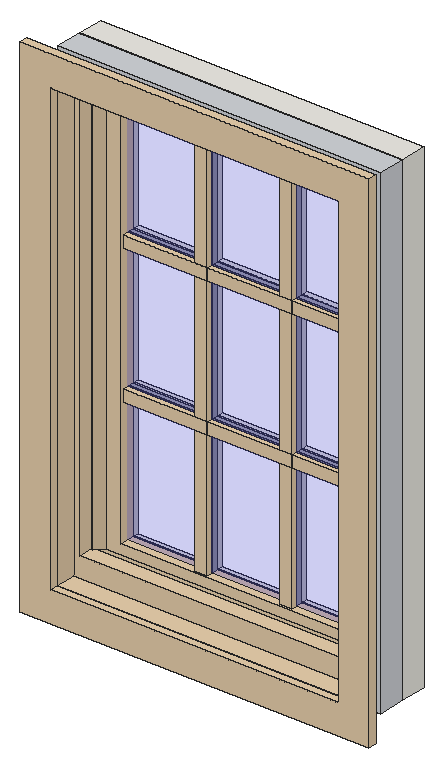
Revit family "Window-Awning-Andersen-E_Series 2", category Windows, host Wall, Revit 2013 (continued)
Dimensions and locks (in)
  aligned and locked: plane 48 "Frame S1" to Masking region 5 sketch curve
  aligned and locked: plane 42 "B Casing 1" to Masking region 5 sketch curve
  aligned and locked: Masking region 5 sketch curve to plane 48 "Frame S1"
  aligned and locked: Masking region 5 sketch curve to plane 49 "Flange"
  aligned and locked: Masking region 5 sketch curve to plane 6 "B Frame"
  aligned and locked: plane 43 "B Casing 2" to Masking region 5 sketch curve
  aligned and locked: Masking region 6 sketch curve to plane 48 "Frame S1"
  aligned and locked: plane 42 "B Casing 1" to Masking region 6 sketch curve
  aligned and locked: plane 46 "Casing S1" to Masking region 6 sketch curve
  aligned and locked: Masking region 6 sketch curve to plane 37 "T Casing 4"
  aligned and locked: Masking region 6 sketch curve to plane 49 "Flange"
  aligned and locked: plane 7 "T Frame" to Masking region 6 sketch curve
  aligned and locked: plane 36 "T Casing 3" to curve 23
  aligned and locked: plane 46 "Casing S1" to curve 23
  aligned and locked: plane 35 "T Casing 2" to curve 23
  aligned and locked: plane 47 "Casing S2" to curve 23
  aligned and locked: plane 32 "T Casing 1" to curve 25
  aligned and locked: plane 48 "Frame S1" to curve 25
  aligned and locked: plane 29 "T Glazing" to curve 26
  aligned and locked: plane 29 "T Glazing" to curve 27
  aligned and locked: plane 29 "T Glazing" to curve 28
  aligned and locked: plane 29 "T Glazing" to curve 29
  aligned and locked: plane 50 "Glass1 S1" to curve 26
  aligned and locked: plane 51 "Glass1 S2" to curve 27
  aligned and locked: plane 52 "Glass1 S3" to curve 28
  aligned and locked: plane 53 "Glass1 S4" to curve 29
  aligned and locked: plane 37 "T Casing 4" to Masking region 7 sketch curve
  aligned and locked: plane 17 "L Casing 4" to Masking region 7 sketch curve
  aligned and locked: Masking region 7 sketch curve to plane 27 "R Casing 4"
  aligned and locked: Masking region 7 sketch curve to plane 43 "B Casing 2"
  aligned and locked: plane 7 "T Frame" to Masking region 8 sketch curve
  aligned and locked: plane 5 "L Frame" to Masking region 8 sketch curve
  aligned and locked: Masking region 8 sketch curve to plane 4 "R Frame"
  aligned and locked: Masking region 8 sketch curve to plane 6 "B Frame"
  aligned and locked: plane 29 "T Glazing" to curve 34
  aligned and locked: curve 36 to plane 18 "R Glazing"
  aligned and locked: plane 8 "L Glazing" to curve 35
  aligned and locked: curve 37 to plane 39 "B Glazing"
  aligned and locked: plane 7 "T Frame" to Masking region 9 sketch curve
  aligned and locked: Masking region 9 sketch curve to plane 4 "R Frame"
  aligned and locked: plane 5 "L Frame" to Masking region 9 sketch curve
  aligned and locked: Masking region 9 sketch curve to plane 6 "B Frame"
  aligned and locked: plane 31 "T Xjamb 1" to Masking region 10 sketch curve
  aligned and locked: Masking region 10 sketch curve to plane 21 "R Xjamb 1"
  aligned and locked: plane 11 "L Xjamb 1" to Masking region 10 sketch curve
  aligned and locked: Masking region 10 sketch curve to plane 56 "B Xjamb 1"
  aligned and locked: Masking region 10 sketch curve to plane 44 "B Int Casing"
  aligned and locked: plane 45 "L Int Casing" to Masking region 10 sketch curve
  aligned and locked: Masking region 10 sketch curve to plane 28 "R Int Casing"
  aligned and locked: plane 38 "T Int Casing" to Masking region 10 sketch curve
  aligned and locked: plane 46 "Casing S1" to curve 43
  aligned and locked: plane 48 "Frame S1" to curve 43
  aligned and locked: plane 5 "L Frame" to curve 43
  aligned and locked: Masking region 3 sketch curve to host wall
  aligned and locked: plane 31 "T Xjamb 1" to Extrusion 3 sketch curve
  aligned and locked: plane 33 "T Xjamb 2" to Extrusion 3 sketch curve
  aligned and locked: Extrusion 3 sketch curve to plane 21 "R Xjamb 1"
  aligned and locked: Extrusion 3 sketch curve to plane 23 "R Xjamb 2"
  aligned and locked: plane 11 "L Xjamb 1" to Extrusion 3 sketch curve
  aligned and locked: plane 13 "L Xjamb 2" to Extrusion 3 sketch curve
  aligned and locked: Extrusion 3 sketch curve to plane 56 "B Xjamb 1"
  aligned and locked: Extrusion 3 sketch curve to plane 41 "B Xjamb 2"
  aligned and locked: plane 31 "T Xjamb 1" to Extrusion 4 sketch curve
  aligned and locked: plane 38 "T Int Casing" to Extrusion 4 sketch curve
  aligned and locked: Extrusion 4 sketch curve to plane 21 "R Xjamb 1"
  aligned and locked: Extrusion 4 sketch curve to plane 28 "R Int Casing"
  aligned and locked: plane 11 "L Xjamb 1" to Extrusion 4 sketch curve
  aligned and locked: plane 45 "L Int Casing" to Extrusion 4 sketch curve
  aligned and locked: Extrusion 4 sketch curve to plane 56 "B Xjamb 1"
  aligned and locked: Extrusion 4 sketch curve to plane 44 "B Int Casing"
  aligned and locked: Extrusion 4 to host wall
  aligned and locked: Extrusion 4 to plane 58 "Interior Casing"
  aligned and locked: plane 42 "B Casing 1" to Extrusion 5 sketch curve
  aligned and locked: plane 48 "Frame S1" to Extrusion 5 sketch curve
  aligned and locked: Extrusion 5 sketch curve to plane 42 "B Casing 1"
  aligned and locked: plane 43 "B Casing 2" to Extrusion 5 sketch curve
  aligned and locked: plane 43 "B Casing 2" to Sweep 6 sketch curve  (x2)
  aligned and locked: plane 17 "L Casing 4" to Sweep 6 sketch curve  (x2)
  aligned and locked: Sweep 6 sketch curve to plane 27 "R Casing 4"
  aligned and locked: plane 37 "T Casing 4" to Sweep 6 sketch curve
  aligned and locked: plane 16 "L Casing 3" to Sweep 6 sketch curve
  aligned and locked: plane 47 "Casing S2" to Sweep 6 sketch curve
  aligned and locked: Sweep 6 sketch curve to plane 46 "Casing S1"
  aligned and locked: plane 49 "Flange" to Sweep 6 sketch curve
  aligned and locked: Sweep 6 sketch curve to plane 12 "L Casing 1"
  aligned and locked: Sweep 6 sketch curve to plane 47 "Casing S2"
  aligned and locked: plane 15 "L Casing 2" to Sweep 6 sketch curve
  aligned and locked: Extrusion 5 to plane 17 "L Casing 4"
  aligned and locked: plane 27 "R Casing 4" to Extrusion 5
  aligned and locked: plane 32 "T Casing 1" to Extrusion 7 sketch curve
  aligned and locked: plane 37 "T Casing 4" to Extrusion 7 sketch curve
  aligned and locked: plane 12 "L Casing 1" to Extrusion 7 sketch curve
  aligned and locked: plane 17 "L Casing 4" to Extrusion 7 sketch curve
  aligned and locked: Extrusion 7 sketch curve to plane 22 "R Casing 1"
  aligned and locked: Extrusion 7 sketch curve to plane 27 "R Casing 4"
  aligned and locked: Extrusion 7 sketch curve to plane 42 "B Casing 1"
  aligned and locked: Extrusion 7 sketch curve to plane 43 "B Casing 2"
  aligned and locked: plane 46 "Casing S1" to Extrusion 7
  aligned and locked: plane 49 "Flange" to Extrusion 7
  aligned and locked: plane 8 "L Glazing" to Extrusion 8 sketch curve
  aligned and locked: Extrusion 8 sketch curve to plane 18 "R Glazing"
  aligned and locked: plane 29 "T Glazing" to Extrusion 8 sketch curve
  aligned and locked: plane 50 "Glass1 S1" to Extrusion 8
  aligned and locked: Extrusion 8 to plane 54 "Sash1 S2"
  aligned and locked: Extrusion 9 sketch curve to plane 8 "L Glazing"
  aligned and locked: Extrusion 9 sketch curve to plane 29 "T Glazing"
  aligned and locked: plane 18 "R Glazing" to Extrusion 9 sketch curve
  aligned and locked: Extrusion 9 to plane 50 "Glass1 S1"
  aligned and locked: plane 29 "T Glazing" to Extrusion 10 sketch curve
  aligned and locked: plane 8 "L Glazing" to Extrusion 10 sketch curve
  aligned and locked: Extrusion 10 sketch curve to plane 18 "R Glazing"
  aligned and locked: plane 50 "Glass1 S1" to Extrusion 10
  aligned and locked: Extrusion 10 to plane 53 "Glass1 S4"
  aligned and locked: plane 17 "L Casing 4" to curve 44
  aligned and locked: curve 44 to plane 49 "Flange"
  aligned and locked: plane 27 "R Casing 4" to curve 45
  aligned and locked: curve 45 to plane 49 "Flange"
  aligned and locked: plane 37 "T Casing 4" to curve 46
  aligned and locked: plane 49 "Flange" to curve 46
  aligned and locked: plane 43 "B Casing 2" to curve 47
  aligned and locked: curve 47 to plane 49 "Flange"
  aligned and locked: nested 1 to plane 29 "T Glazing"
  aligned and locked: nested 1 to plane 3 "Center (Left/Right)"
  aligned and locked: plane 8 "L Glazing" to nested 2
  aligned and locked: nested 3 to plane 29 "T Glazing"
  aligned and locked: plane 8 "L Glazing" to nested 4
  aligned and locked: nested 5 to plane 29 "T Glazing"
  aligned and locked: plane 8 "L Glazing" to nested 6
  aligned and locked: plane 8 "L Glazing" to nested 7
  aligned and locked: Extrusion 5 sketch curve to plane 49 "Flange"
  aligned and locked: host wall to Masking region 11 sketch curve
  aligned and locked: plane 4 "R Frame" to Masking region 11 sketch curve
  aligned and locked: Masking region 11 sketch curve to plane 5 "L Frame"
  aligned and locked: plane 57 "Exterior Offset" to Masking region 11 sketch curve
  aligned and locked: plane 27 "R Casing 4" to Masking region 11 sketch curve
  aligned and locked: Masking region 11 sketch curve to plane 17 "L Casing 4"
  aligned and locked: plane 39 "B Glazing" to Extrusion 8 sketch curve
  aligned and locked: curve 11 to plane 66 "Sash1 S1"
  aligned and locked: plane 66 "Sash1 S1" to curve 15
  aligned and locked: plane 66 "Sash1 S1" to Extrusion 9
  aligned and locked: plane 47 "Casing S2" to curve 6
  aligned and locked: plane 46 "Casing S1" to curve 42
  aligned and locked: host wall to curve 19
  aligned and locked: plane 7 "T Frame" to Extrusion 11 sketch curve
  aligned and locked: Extrusion 11 sketch curve to plane 4 "R Frame"
  aligned and locked: Extrusion 11 sketch curve to plane 6 "B Frame"
  aligned and locked: plane 5 "L Frame" to Extrusion 11 sketch curve
  aligned and locked: plane 30 "T Ext Frame" to Extrusion 11 sketch curve
  aligned and locked: Extrusion 11 sketch curve to plane 19 "R Ext Frame"
  aligned and locked: plane 9 "L Ext Frame" to Extrusion 11 sketch curve
  aligned and locked: Extrusion 11 sketch curve to plane 40 "B Ext Frame"
  aligned and locked: plane 48 "Frame S1" to Extrusion 11
  aligned and locked: Extrusion 10 sketch curve to plane 39 "B Glazing"
  aligned and locked: plane 39 "B Glazing" to curve 28
  aligned and locked: plane 39 "B Glazing" to curve 27
  aligned and locked: plane 39 "B Glazing" to curve 29
  aligned and locked: plane 39 "B Glazing" to curve 26
  aligned and locked: plane 39 "B Glazing" to Extrusion 9 sketch curve
  aligned and locked: plane 49 "Flange" to curve 48
  aligned and locked: curve 92 to plane 49 "Flange"
  aligned and locked: curve 19 to plane 20 "R Stop"
  aligned and locked: plane 68 "L Sash" to curve 18
  aligned and locked: plane 54 "Sash1 S2" to curve 18
  aligned and locked: plane 54 "Sash1 S2" to curve 14
  aligned and locked: plane 55 "Frame S2" to Masking region 1 sketch curve
  aligned and locked: plane 69 "Stop S1" to curve 117
  aligned and locked: plane 69 "Stop S1" to curve 115
  aligned and locked: Masking region 1 sketch curve to plane 55 "Frame S2"
  aligned and locked: plane 49 "Flange" to curve 162
  aligned and locked: plane 69 "Stop S1" to Masking region 4 sketch curve
  aligned and locked: plane 55 "Frame S2" to Masking region 4 sketch curve
  aligned and locked: Masking region 4 sketch curve to plane 55 "Frame S2"
  aligned and locked: plane 71 "T Sash" to Extrusion 9 sketch curve
  aligned and locked: plane 68 "L Sash" to Extrusion 9 sketch curve
  aligned and locked: Extrusion 9 sketch curve to plane 67 "R Sash"
  aligned and locked: plane 70 "B Sash" to Extrusion 9 sketch curve
  aligned and locked: Extrusion 8 sketch curve to plane 71 "T Sash"
  aligned and locked: Extrusion 8 sketch curve to plane 68 "L Sash"
  aligned and locked: plane 67 "R Sash" to Extrusion 8 sketch curve
  aligned and locked: plane 70 "B Sash" to Extrusion 8 sketch curve
  aligned and locked: Extrusion 11 to plane 54 "Sash1 S2"
  aligned and locked: plane 72 "T Int Frame" to Extrusion 12 sketch curve
  aligned and locked: plane 74 "L Int Frame" to Extrusion 12 sketch curve
  aligned and locked: Extrusion 12 sketch curve to plane 75 "R Int Frame"
  aligned and locked: Extrusion 12 sketch curve to plane 73 "B Int Frame"
  aligned and locked: Extrusion 12 sketch curve to plane 6 "B Frame"
  aligned and locked: Extrusion 12 sketch curve to plane 4 "R Frame"
  aligned and locked: plane 7 "T Frame" to Extrusion 12 sketch curve
  aligned and locked: plane 5 "L Frame" to Extrusion 12 sketch curve
  aligned and locked: plane 54 "Sash1 S2" to Extrusion 12
  aligned and locked: Extrusion 12 to plane 55 "Frame S2"
  aligned and locked: plane 75 "R Int Frame" to Extrusion 13
  aligned and locked: Extrusion 13 to plane 74 "L Int Frame"
  aligned and locked: Extrusion 14 sketch curve to plane 54 "Sash1 S2"
  aligned and locked: Extrusion 14 sketch curve to plane 75 "R Int Frame"
  aligned and locked: plane 69 "Stop S1" to Extrusion 14 sketch curve
  aligned and locked: plane 20 "R Stop" to Extrusion 14 sketch curve
  aligned and locked: plane 10 "L Stop" to Extrusion 14 sketch curve
  aligned and locked: plane 54 "Sash1 S2" to Extrusion 14 sketch curve
  aligned and locked: Extrusion 14 sketch curve to plane 74 "L Int Frame"
  aligned and locked: Extrusion 14 sketch curve to plane 69 "Stop S1"
  aligned and locked: plane 73 "B Int Frame" to Extrusion 14
  aligned and locked: Extrusion 14 to plane 72 "T Int Frame"
  aligned and locked: plane 75 "R Int Frame" to Extrusion 15
  aligned and locked: Extrusion 15 to plane 74 "L Int Frame"
  aligned and locked: Masking region 1 sketch curve to plane 75 "R Int Frame"
  aligned and locked: Masking region 1 sketch curve to plane 74 "L Int Frame"
  aligned and locked: plane 7 "T Frame" to Sweep 16 sketch curve
  aligned and locked: plane 5 "L Frame" to Sweep 16 sketch curve
  aligned and locked: Sweep 16 sketch curve to plane 6 "B Frame"
  aligned and locked: Sweep 16 sketch curve to plane 4 "R Frame"
  aligned and locked: Sweep 16 sketch curve to plane 55 "Frame S2"
  aligned and locked: plane 65 "Xjamb S1" to Extrusion 3
  aligned and locked: host wall to Extrusion 3
  aligned and locked: Masking region 4 sketch curve to plane 72 "T Int Frame"
  aligned and locked: Masking region 4 sketch curve to plane 73 "B Int Frame"
  aligned and locked: Extrusion 17 sketch curve to plane 54 "Sash1 S2"
  aligned and locked: plane 74 "L Int Frame" to Extrusion 17 sketch curve
  aligned and locked: plane 69 "Stop S1" to Extrusion 17 sketch curve
  aligned and locked: plane 75 "R Int Frame" to Extrusion 17 sketch curve
  aligned and locked: plane 54 "Sash1 S2" to Extrusion 17 sketch curve
  aligned and locked: Extrusion 17 sketch curve to plane 69 "Stop S1"
  aligned and locked: Extrusion 17 to plane 72 "T Int Frame"
  aligned and locked: plane 73 "B Int Frame" to Extrusion 17
  aligned and locked: plane 54 "Sash1 S2" to Extrusion 18 sketch curve  (x2)
  aligned and locked: Extrusion 18 sketch curve to plane 72 "T Int Frame"
  aligned and locked: Extrusion 18 sketch curve to plane 69 "Stop S1"
  aligned and locked: plane 73 "B Int Frame" to Extrusion 18 sketch curve
  aligned and locked: Extrusion 18 to plane 74 "L Int Frame"
  aligned and locked: plane 75 "R Int Frame" to Extrusion 18
  aligned and locked: plane 72 "T Int Frame" to Extrusion 15 sketch curve
  aligned and locked: Extrusion 15 sketch curve to plane 54 "Sash1 S2"
  aligned and locked: plane 69 "Stop S1" to Extrusion 15 sketch curve
  aligned and locked: plane 54 "Sash1 S2" to Extrusion 13 sketch curve
  aligned and locked: plane 73 "B Int Frame" to Extrusion 13 sketch curve
  aligned and locked: Extrusion 13 sketch curve to plane 69 "Stop S1"
  aligned and locked: plane 18 "R Glazing" to curve 59
  aligned and locked: plane 8 "L Glazing" to curve 103
  aligned and locked: plane 76 "T Stop" to curve 38
  aligned and locked: plane 10 "L Stop" to curve 41
  aligned and locked: curve 40 to plane 77 "B Stop"
  aligned and locked: curve 39 to plane 20 "R Stop"
  aligned and locked: plane 72 "T Int Frame" to curve 210
  aligned and locked: curve 211 to plane 75 "R Int Frame"
  aligned and locked: plane 74 "L Int Frame" to curve 213
  aligned and locked: curve 212 to plane 73 "B Int Frame"
  aligned and locked: curve 32 to plane 70 "B Sash"
  aligned and locked: plane 68 "L Sash" to curve 31
  aligned and locked: plane 71 "T Sash" to curve 30
  aligned and locked: curve 33 to plane 67 "R Sash"
  aligned and locked: plane 29 "T Glazing" to curve 160
  aligned and locked: plane 71 "T Sash" to curve 214
  aligned and locked: plane 70 "B Sash" to curve 214
  aligned and locked: plane 68 "L Sash" to curve 214
  aligned and locked: plane 67 "R Sash" to curve 215
  aligned and locked: plane 70 "B Sash" to curve 215
  aligned and locked: plane 4 "R Frame" to curve 242
  aligned and locked: plane 5 "L Frame" to curve 242
  aligned and locked: host wall to curve 242
  aligned and locked: Masking region 12 sketch curve to Sweep 16  (x3)
  aligned and locked: Masking region 12 sketch curve to plane 55 "Frame S2"  (x2)
  aligned and locked: plane 75 "R Int Frame" to Masking region 12 sketch curve
  aligned and locked: Masking region 12 sketch curve to plane 69 "Stop S1"
  aligned and locked: Masking region 12 sketch curve to plane 74 "L Int Frame"
  aligned and locked: plane 69 "Stop S1" to curve 243
  aligned and locked: Sweep 16 to curve 243
  aligned and locked: plane 74 "L Int Frame" to curve 243
  aligned and locked: plane 69 "Stop S1" to curve 244
  aligned and locked: Sweep 16 to curve 244
  aligned and locked: plane 75 "R Int Frame" to curve 244
  aligned and locked: Masking region 13 sketch curve to plane 23 "R Xjamb 2"
  aligned and locked: Masking region 13 sketch curve to host wall
  aligned and locked: plane 13 "L Xjamb 2" to Masking region 13 sketch curve
  aligned and locked: plane 65 "Xjamb S1" to curve 245
  aligned and locked: plane 21 "R Xjamb 1" to curve 245
  aligned and locked: plane 65 "Xjamb S1" to curve 246
  aligned and locked: host wall to curve 246
  aligned and locked: plane 11 "L Xjamb 1" to curve 246
  aligned and locked: plane 55 "Frame S2" to Masking region 13 sketch curve  (x2)
  aligned and locked: plane 74 "L Int Frame" to Masking region 13 sketch curve
  aligned and locked: plane 69 "Stop S1" to Masking region 13 sketch curve
  aligned and locked: Masking region 13 sketch curve to plane 75 "R Int Frame"
  aligned and locked: plane 55 "Frame S2" to Masking region 14 sketch curve  (x2)
  aligned and locked: Sweep 16 to Masking region 14 sketch curve  (x2)
  aligned and locked: plane 72 "T Int Frame" to Masking region 14 sketch curve
  aligned and locked: plane 69 "Stop S1" to Masking region 14 sketch curve
  aligned and locked: Masking region 14 sketch curve to plane 73 "B Int Frame"
  aligned and locked: Masking region 14 sketch curve to Sweep 16
  aligned and locked: plane 69 "Stop S1" to curve 247
  aligned and locked: Sweep 16 to curve 247
  aligned and locked: plane 73 "B Int Frame" to curve 247
  aligned and locked: plane 69 "Stop S1" to curve 248
  aligned and locked: Sweep 16 to curve 248
  aligned and locked: plane 72 "T Int Frame" to curve 248
  aligned and locked: Masking region 15 sketch curve to plane 41 "B Xjamb 2"
  aligned and locked: Masking region 15 sketch curve to plane 55 "Frame S2"  (x2)
  aligned and locked: plane 73 "B Int Frame" to Masking region 15 sketch curve
  aligned and locked: Masking region 15 sketch curve to plane 69 "Stop S1"
  aligned and locked: Masking region 15 sketch curve to host wall
  aligned and locked: Masking region 15 sketch curve to plane 72 "T Int Frame"
  aligned and locked: plane 33 "T Xjamb 2" to Masking region 15 sketch curve
  aligned and locked: plane 65 "Xjamb S1" to curve 249
  aligned and locked: plane 31 "T Xjamb 1" to curve 249
  aligned and locked: plane 65 "Xjamb S1" to curve 250
  aligned and locked: plane 56 "B Xjamb 1" to curve 250
  aligned and locked: host wall to Masking region 16 sketch curve
  aligned and locked: Masking region 16 sketch curve to plane 44 "B Int Casing"
  aligned and locked: plane 58 "Interior Casing" to Masking region 16 sketch curve
  aligned and locked: plane 38 "T Int Casing" to Masking region 16 sketch curve
  aligned and locked: host wall to curve 251
  aligned and locked: plane 58 "Interior Casing" to curve 251
  aligned and locked: plane 31 "T Xjamb 1" to curve 251
  aligned and locked: host wall to curve 252
  aligned and locked: plane 58 "Interior Casing" to curve 252
  aligned and locked: plane 56 "B Xjamb 1" to curve 252
  aligned and locked: host wall to Masking region 17 sketch curve
  aligned and locked: plane 45 "L Int Casing" to Masking region 17 sketch curve
  aligned and locked: plane 58 "Interior Casing" to Masking region 17 sketch curve
  aligned and locked: Masking region 17 sketch curve to plane 28 "R Int Casing"
  aligned and locked: host wall to curve 253
  aligned and locked: plane 58 "Interior Casing" to curve 253
  aligned and locked: plane 21 "R Xjamb 1" to curve 253
  aligned and locked: plane 58 "Interior Casing" to curve 254
  aligned and locked: plane 11 "L Xjamb 1" to curve 254
  aligned and locked: plane 6 "B Frame" to curve 163
  aligned and locked: plane 49 "Flange" to curve 163
Automatic sketch dimensions
  curve 42 to curve 42 = 0' - 0 3/8"
  curve 13 to curve 13 = 0' - 2.27971"
  Extrusion 18 sketch curve to plane 69 "Stop S1" = 0' - 0"
  curve 131 to curve 228 = 0' - 0"
  curve 131 to curve 129 = 0' - 0.17119"
  curve 131 to curve 128 = 0' - 0.399"
  curve 132 to curve 133 = 0' - 1.04975"
  curve 128 to curve 138 = 0' - 0.78675"
  curve 138 to curve 144 = 0' - 0.07999"
  curve 135 to curve 134 = 0' - 0.6837"
  curve 144 to curve 145 = 0' - 0.50301"
  curve 134 to curve 142 = 0' - 0.4848"
  curve 143 to curve 150 = 0' - 0 5/8"
  curve 149 to curve 150 = 0' - 0.13649"
  curve 150 to curve 151 = 0' - 0.14"
  curve 141 to curve 141 = 0' - 0.55"
  curve 230 to curve 229 = 0' - 1.0045"
  curve 133 to curve 230 = 0' - 0"
  curve 130 to curve 230 = 0' - 0"
  curve 143 to curve 147 = 0' - 0 1/8"
  curve 134 to curve 163 = 0' - 0.32955"
  curve 146 to curve 139 = 0' - 0 1/8"
  curve 140 to curve 134 = 0' - 0.35725"
  curve 134 to curve 140 = 0' - 0.09316"
  curve 135 to curve 137 = 0' - 0.43791"
  curve 137 to curve 234 = 0' - 0.218"
  curve 132 to curve 230 = 0' - 0 3/8"
  curve 229 to curve 228 = 0' - 0 1/4"
  curve 228 to curve 132 = 0' - 0.09"
  curve 131 to curve 128 = 0' - 0.2225"
  curve 128 to curve 139 = 0' - 0 5/32"
  curve 139 to curve 152 = 0' - 0.359"
  curve 128 to curve 129 = 0' - 0.5325"
  curve 144 to curve 144 = 0' - 0.53631"
  curve 144 to curve 145 = 0' - 0.08869"
  curve 151 to curve 151 = 0' - 0.266"
  curve 163 to curve 134 = 0' - 2.28159"
  curve 163 to curve 134 = 0' - 0.65659"
  curve 134 to curve 140 = 0' - 0.18664"
  curve 129 to curve 138 = 0' - 0.05413"
  curve 148 to curve 143 = 0' - 0 1/8"
  curve 148 to curve 146 = 0' - 0 1/8"
  curve 143 to curve 147 = 0' - 0"
  curve 187 to curve 231 = 0' - 0"
  curve 187 to curve 185 = 0' - 0.17119"
  curve 187 to curve 184 = 0' - 0.399"
  curve 188 to curve 189 = 0' - 1.04975"
  curve 184 to curve 194 = 0' - 0.78675"
  curve 194 to curve 200 = 0' - 0.07999"
  curve 191 to curve 190 = 0' - 0.6837"
  curve 200 to curve 201 = 0' - 0.50301"
  curve 190 to curve 198 = 0' - 0.4848"
  curve 199 to curve 206 = 0' - 0 5/8"
  curve 205 to curve 206 = 0' - 0.13649"
  curve 206 to curve 207 = 0' - 0.14"
  curve 197 to curve 197 = 0' - 0.55"
  curve 233 to curve 232 = 0' - 1.0045"
  curve 189 to curve 233 = 0' - 0"
  curve 186 to curve 233 = 0' - 0"
  curve 199 to curve 203 = 0' - 0 1/8"
  curve 190 to curve 209 = 0' - 0.32955"
  curve 202 to curve 195 = 0' - 0 1/8"
  curve 196 to curve 190 = 0' - 0.35725"
  curve 190 to curve 196 = 0' - 0.09316"
  curve 191 to curve 193 = 0' - 0.43791"
  curve 193 to curve 235 = 0' - 0.218"
  curve 188 to curve 233 = 0' - 0 3/8"
  curve 232 to curve 231 = 0' - 0 1/4"
  curve 231 to curve 188 = 0' - 0.09"
  curve 187 to curve 184 = 0' - 0.2225"
  curve 184 to curve 195 = 0' - 0 5/32"
  curve 195 to curve 208 = 0' - 0.359"
  curve 184 to curve 185 = 0' - 0.5325"
  curve 200 to curve 200 = 0' - 0.53631"
  curve 200 to curve 201 = 0' - 0.08869"
  curve 207 to curve 207 = 0' - 0.266"
  curve 209 to curve 190 = 0' - 2.28159"
  curve 209 to curve 190 = 0' - 0.65659"
  curve 190 to curve 196 = 0' - 0.18664"
  curve 185 to curve 194 = 0' - 0.05413"
  curve 204 to curve 199 = 0' - 0 1/8"
  curve 204 to curve 202 = 0' - 0 1/8"
  curve 199 to curve 203 = 0' - 0"
  curve 223 to curve 120 = 0' - 1.05425"
  curve 120 to curve 123 = 0' - 0.136"
  curve 123 to curve 154 = 0' - 0.09099"
  curve 153 to curve 125 = 0' - 0.49201"
  curve 125 to curve 124 = 0' - 0 5/8"
  curve 160 to curve 160 = 0' - 0.14199"
  curve 159 to curve 159 = 0' - 0.1455"
  curve 127 to curve 126 = 0' - 1.5825"
  curve 121 to curve 223 = 0' - 1"
  curve 224 to curve 121 = 0' - 0"
  curve 122 to curve 224 = 0' - 0"
  curve 125 to curve 157 = 0' - 0 1/8"
  curve 118 to curve 162 = 0' - 0.32955"
  curve 155 to curve 160 = 0' - 0 1/8"
  curve 126 to curve 118 = 0' - 0.35725"
  curve 153 to curve 160 = 0' - 0"
  curve 125 to curve 153 = 0' - 0.08675"
  curve 159 to curve 158 = 0' - 0.27644"
  curve 158 to curve 161 = 0' - 0.359"
  curve 123 to curve 222 = 0' - 0.45831"
  curve 222 to curve 224 = 0' - 0 1/4"
  curve 222 to curve 123 = 0' - 1 3/16"
  curve 127 to curve 118 = 0' - 0.09341"
  curve 125 to curve 156 = 0' - 0"
  curve 155 to curve 160 = 0' - 0"
  curve 156 to curve 157 = 0' - 0.13544"
  curve 222 to curve 122 = 0' - 0.063"
  curve 126 to curve 118 = 0' - 0.18689"
  curve 118 to curve 162 = 0' - 0.65659"
  curve 162 to curve 162 = 0' - 1 5/8"
  curve 226 to curve 166 = 0' - 1.05425"
  curve 166 to curve 169 = 0' - 0.136"
  curve 169 to curve 175 = 0' - 0.09099"
  curve 174 to curve 171 = 0' - 0.49201"
  curve 171 to curve 170 = 0' - 0 5/8"
  curve 181 to curve 181 = 0' - 0.14199"
  curve 180 to curve 180 = 0' - 0.1455"
  curve 173 to curve 172 = 0' - 1.5825"
  curve 167 to curve 226 = 0' - 1"
  curve 227 to curve 167 = 0' - 0"
  curve 168 to curve 227 = 0' - 0"
  curve 171 to curve 178 = 0' - 0 1/8"
  curve 164 to curve 183 = 0' - 0.32955"
  curve 176 to curve 181 = 0' - 0 1/8"
  curve 172 to curve 164 = 0' - 0.35725"
  curve 174 to curve 181 = 0' - 0"
  curve 171 to curve 174 = 0' - 0.08675"
  curve 180 to curve 179 = 0' - 0.27644"
  curve 179 to curve 182 = 0' - 0.359"
  curve 169 to curve 225 = 0' - 0.45831"
  curve 225 to curve 227 = 0' - 0 1/4"
  curve 225 to curve 169 = 0' - 1 3/16"
  curve 173 to curve 164 = 0' - 0.09341"
  curve 171 to curve 177 = 0' - 0"
  curve 176 to curve 181 = 0' - 0"
  curve 177 to curve 178 = 0' - 0.13544"
  curve 225 to curve 168 = 0' - 0.063"
  curve 172 to curve 164 = 0' - 0.18689"
  curve 164 to curve 183 = 0' - 0.65659"
  curve 183 to curve 183 = 0' - 1 5/8"
  curve 51 to curve 58 = 0' - 0.09496"
  curve 56 to curve 56 = 0' - 0.34554"
  curve 54 to curve 217 = 0' - 0.65421"
  curve 216 to curve 50 = 0' - 0.18621"
  curve 50 to curve 237 = 0' - 0.47054"
  curve 60 to curve 82 = 0' - 0.35925"
  curve 64 to curve 64 = 0' - 0.53631"
  curve 63 to curve 62 = 0' - 0.08869"
  curve 82 to curve 83 = 0' - 0.26575"
  curve 48 to curve 51 = 0' - 2.15659"
  curve 48 to curve 51 = 0' - 0.65659"
  curve 51 to curve 57 = 0' - 0.18874"
  curve 54 to curve 53 = 0' - 0.21542"
  curve 88 to curve 62 = 0' - 0.12475"
  curve 88 to curve 86 = 0' - 0.12475"
  curve 88 to curve 87 = 0' - 0.12475"
  curve 216 to curve 52 = 0' - 1.04975"
  curve 53 to curve 54 = 0' - 0.141"
  curve 54 to curve 64 = 0' - 0.07999"
  curve 54 to curve 51 = 0' - 0.5427"
  curve 63 to curve 62 = 0' - 0.50301"
  curve 51 to curve 57 = 0' - 0.4898"
  curve 62 to curve 61 = 0' - 0 5/8"
  curve 59 to curve 83 = 0' - 0.13662"
  curve 59 to curve 83 = 0' - 0.13987"
  curve 56 to curve 58 = 0' - 0.55"
  curve 49 to curve 216 = 0' - 1"
  curve 49 to curve 217 = 0' - 0"
  curve 62 to curve 87 = 0' - 0 1/8"
  curve 51 to curve 48 = 0' - 0.33405"
  curve 88 to curve 59 = 0' - 0 1/8"
  curve 57 to curve 51 = 0' - 0.35675"
  curve 68 to curve 75 = 0' - 0.09496"
  curve 73 to curve 73 = 0' - 0.34554"
  curve 71 to curve 219 = 0' - 0.65421"
  curve 218 to curve 67 = 0' - 0.18621"
  curve 67 to curve 239 = 0' - 0.47054"
  curve 77 to curve 84 = 0' - 0.35925"
  curve 81 to curve 81 = 0' - 0.53631"
  curve 80 to curve 79 = 0' - 0.08869"
  curve 84 to curve 85 = 0' - 0.26575"
  curve 65 to curve 68 = 0' - 2.15659"
  curve 65 to curve 68 = 0' - 0.65659"
  curve 68 to curve 74 = 0' - 0.18874"
  curve 71 to curve 70 = 0' - 0.21542"
  curve 91 to curve 79 = 0' - 0.12475"
  curve 91 to curve 89 = 0' - 0.12475"
  curve 91 to curve 90 = 0' - 0.12475"
  curve 218 to curve 69 = 0' - 1.04975"
  curve 70 to curve 71 = 0' - 0.141"
  curve 71 to curve 81 = 0' - 0.07999"
  curve 71 to curve 68 = 0' - 0.5427"
  curve 80 to curve 79 = 0' - 0.50301"
  curve 68 to curve 74 = 0' - 0.4898"
  curve 79 to curve 78 = 0' - 0 5/8"
  curve 76 to curve 85 = 0' - 0.13662"
  curve 76 to curve 85 = 0' - 0.13987"
  curve 73 to curve 75 = 0' - 0.55"
  curve 66 to curve 218 = 0' - 1"
  curve 66 to curve 219 = 0' - 0"
  curve 79 to curve 90 = 0' - 0 1/8"
  curve 68 to curve 65 = 0' - 0.33405"
  curve 91 to curve 76 = 0' - 0 1/8"
  curve 74 to curve 68 = 0' - 0.35675"
  curve 95 to curve 102 = 0' - 0.09496"
  curve 100 to curve 100 = 0' - 0.34554"
  curve 98 to curve 221 = 0' - 0.65421"
  curve 220 to curve 94 = 0' - 0.18621"
  curve 94 to curve 241 = 0' - 0.47054"
  curve 104 to curve 109 = 0' - 0.35925"
  curve 108 to curve 108 = 0' - 0.53631"
  curve 107 to curve 106 = 0' - 0.08869"
  curve 109 to curve 110 = 0' - 0.26575"
  curve 92 to curve 95 = 0' - 2.15659"
  curve 92 to curve 95 = 0' - 0.65659"
  curve 95 to curve 101 = 0' - 0.18874"
  curve 98 to curve 97 = 0' - 0.21542"
  curve 113 to curve 106 = 0' - 0.12475"
  curve 113 to curve 111 = 0' - 0.12475"
  curve 113 to curve 112 = 0' - 0.12475"
  curve 96 to curve 220 = 0' - 1.04975"
  curve 98 to curve 97 = 0' - 0.141"
  curve 108 to curve 98 = 0' - 0.07999"
  curve 95 to curve 98 = 0' - 0.5427"
  curve 106 to curve 107 = 0' - 0.50301"
  curve 101 to curve 95 = 0' - 0.4898"
  curve 105 to curve 106 = 0' - 0 5/8"
  curve 110 to curve 103 = 0' - 0.13662"
  curve 110 to curve 103 = 0' - 0.13987"
  curve 102 to curve 100 = 0' - 0.55"
  curve 220 to curve 93 = 0' - 1"
  curve 93 to curve 221 = 0' - 0"
  curve 112 to curve 106 = 0' - 0 1/8"
  curve 92 to curve 95 = 0' - 0.33405"
  curve 103 to curve 113 = 0' - 0 1/8"
  curve 95 to curve 101 = 0' - 0.35675"
  curve 127 to curve 118 = 0' - 0.5477"
  curve 121 to curve 123 = 0' - 0 9/16"
  curve 173 to curve 164 = 0' - 0.5477"
  curve 167 to curve 169 = 0' - 0 9/16"
  curve 117 to plane 20 "R Stop" = 0' - 0"
  curve 115 to plane 10 "L Stop" = 0' - 0"
  curve 114 to plane 54 "Sash1 S2" = 0' - 0"
  curve 117 to plane 54 "Sash1 S2" = 0' - 0"
  curve 116 to plane 67 "R Sash" = 0' - 0"
  curve 114 to plane 68 "L Sash" = 0' - 0"
  curve 5 to plane 22 "R Casing 1" = 0' - 0"
  curve 13 to plane 67 "R Sash" = 0' - 0"
  curve 14 to plane 48 "Frame S1" = 0' - 0"
  curve 6 to plane 48 "Frame S1" = 0' - 0"
  curve 42 to plane 4 "R Frame" = 0' - 0"
  curve 42 to plane 48 "Frame S1" = 0' - 0"
  host wall to curve 20 = 0' - 0"
  curve 20 to plane 10 "L Stop" = 0' - 0"
Nested families (in)
  nested 1: "Andersen Grille Bar" at (0, 1.89325, 64.25) x (-1, 0, 0) z (0, 1, 0), Center Line <- "Bar Center Line", Bar Length <- "TS V Bar Length", Bar Width <- "Grille Bar Size", visible <- "TS S V", type "Andersen Grille Bar"
    with Glass / 2 0' - 0 1/8", Glass 0' - 0 5/8", Center Line Length 2' - 5 15/16", Center Line 2, Bar Width 0' - 0 7/8", Bar Length 2' - 5 15/16"
  nested 2: "Andersen Grille Bar" at (0, 1.89325, 64.25) x (0, 0, -1) z (0, 1, 0), Bar Length <- "H DLO", visible <- "TS S H", Bar Width <- "Horizontal Craftsman Bar Size", type "Andersen Grille Bar"
    with Glass / 2 0' - 0 1/8", Glass 0' - 0 5/8", Center Line Length 1' - 5 15/16", Center Line 2, Bar Width 0' - 0 7/8", Bar Length 1' - 5 15/16"
  nested 3: "Andersen Grille Bar" at (3.13542, 1.89325, 64.25) x (-1, 0, 0) z (0, 1, 0), Center Line <- "Bar Center Line", Bar Length <- "TS V Bar Length", Bar Width <- "Grille Bar Size", visible <- "TS M V", type "Andersen Grille Bar"
    with Glass / 2 0' - 0 1/8", Glass 0' - 0 5/8", Center Line Length 2' - 5 15/16", Center Line 2, Bar Width 0' - 0 7/8", Bar Length 2' - 5 15/16"
  nested 4: "Andersen Grille Bar" at (0, 1.89325, 59.11458) x (0, 0, -1) z (0, 1, 0), Center Line <- "Bar Center Line", Bar Length <- "H DLO", visible <- "TS M H", Bar Width <- "Grille Bar Size", type "Andersen Grille Bar"
    with Glass / 2 0' - 0 1/8", Glass 0' - 0 5/8", Center Line Length 1' - 5 15/16", Center Line 2, Bar Width 0' - 0 7/8", Bar Length 1' - 5 15/16"
  nested 5: "Andersen Grille Bar" at (-3.13542, 1.89325, 64.25) x (-1, 0, 0) z (0, 1, 0), Center Line <- "Bar Center Line", Bar Length <- "TS V Bar Length", Bar Width <- "Grille Bar Size", visible <- "TS M V", type "Andersen Grille Bar"
    with Glass / 2 0' - 0 1/8", Glass 0' - 0 5/8", Center Line Length 2' - 5 15/16", Center Line 2, Bar Width 0' - 0 7/8", Bar Length 2' - 5 15/16"
  nested 6: "Andersen Grille Bar" at (0, 1.89325, 69.38542) x (0, 0, -1) z (0, 1, 0), Center Line <- "Bar Center Line", Bar Length <- "H DLO", visible <- "TS M H", Bar Width <- "Grille Bar Size", type "Andersen Grille Bar"
    with Glass / 2 0' - 0 1/8", Glass 0' - 0 5/8", Center Line Length 1' - 5 15/16", Center Line 2, Bar Width 0' - 0 7/8", Bar Length 1' - 5 15/16"
  nested 7: "Andersen Grille Bar" at (0, 1.89325, 64.25) x (0, 0, -1) z (0, 1, 0), Bar Length <- "H DLO", visible <- "TS S H Craftsman", Bar Width <- "Grille Bar Size", type "Andersen Grille Bar"
    with Glass / 2 0' - 0 1/8", Glass 0' - 0 5/8", Center Line Length 1' - 5 15/16", Center Line 2, Bar Width 0' - 0 7/8", Bar Length 1' - 5 15/16"
Definition of nested family "Andersen Grille Bar"
  Parameters (values of type "Andersen Grille Bar")
    Interior Bar Visibility = yes
    Interior Bar Material = none
    Glass / 2 [instance] = (Glass / 2) - 0' 0 3/16"  # 0' - 0 1/8"
    Glass [instance] = 0' - 0 5/8"
    Exterior Bar Visibility = yes
    Exterior Bar Finish = none
    Default Elevation = 4' - 0"
    Center Line Length [instance] = if(Center Line = 1, Bar Length + (Bar Width / 2), Bar Length)  # 0' - 4 7/16"
    Center Line [instance] = 1
    Between Glass Bar Visibility = yes
    Between Glass Bar Finish = none
    Bar Width [instance] = 0' - 0 7/8"
    Bar Length [instance] = 0' - 4"
  Reference planes (in)
    plane 1 "Center (Front/Back)": y = 0
    plane 2 "a": z = 0
    plane 3 "Center (Left/Right)": x = 0
    plane 4 "1": x = -0.4375
    plane 5 "2": x = 0.4375
    plane 6: y = 2
    plane 7: y = -2
    plane 8 "b": z = -0.625
    plane 9: z = -0.125
    plane 10: y = -2.4375
    plane 11 "a1": z = 12
    plane 12 "a2": z = -12
  Forms (in)
    Extrusion 1, solid
      sketch origin (0, 0, 0) x (1, 0, 0) y (0, 1, 0)
        loop
          line (-48, 48) -> (-48, -48) -> (48, -48) -> (48, 48) -> (-48, 48)
      from 0 to -12
    Extrusion 2, solid, material <- "Exterior Bar Finish", visible <- "Exterior Bar Visibility", detail levels fine
      sketch origin (0, 0, 0) x (1, 0, 0) y (0, 1, 0)
        loop
          line (-0.4375, 2) -> (-0.4375, -2) -> (0.4375, -2) -> (0.4375, 2) -> (-0.4375, 2)
      from 0 to 0.375
    Extrusion 3, solid, material <- "Between Glass Bar Finish", visible <- "Between Glass Bar Visibility", detail levels fine
      sketch origin (0, 0, 0) x (1, 0, 0) y (0, 1, 0)
        loop
          line (-0.4375, 2) -> (-0.4375, -2) -> (0.4375, -2) -> (0.4375, 2) -> (-0.4375, 2)
      from -0.5 to -0.125
    Extrusion 4, solid, material <- "Interior Bar Material", visible <- "Interior Bar Visibility", detail levels fine
      sketch origin (0, 0, 0) x (1, 0, 0) y (0, 1, 0)
        loop
          line (-0.4375, 2) -> (-0.4375, -2) -> (0.4375, -2) -> (0.4375, 2) -> (-0.4375, 2)
      from -1 to -0.625
  Lines and regions (in)
    model lines, style "GenericModel", detail levels coarse+medium
      curve 1: line (0, 2, 0) -> (0, -2.4375, 0)
    symbolic lines, style "GenericModel", detail levels coarse+medium
      curve 2: line (0, 2, 12) -> (0, -2.4375, 12)
      curve 3: line (0, 2, -12) -> (0, -2.4375, -12)
    model lines, style "InvisibleLines", not visible, detail levels coarse
      curve 4: line (0, 0, 12) -> (0, 0, -12)
    symbolic lines, detail levels fine
      curve 5: line (-0.4375, 2, 0) -> (-0.4375, -2, 0)
      curve 6: line (0.4375, 2, 0) -> (0.4375, -2, 0)
  Dimensions and locks (in)
    "Glass": plane 2 "a" to plane 8 "b"
    "Glass / 2": plane 2 "a" to plane 9
    locked: Extrusion 2 to Extrusion 2 at 0.375
    locked: plane 9 to Extrusion 3 at 0.375
    locked: plane 8 "b" to Extrusion 4 at 0.375
    equal spacing: plane 4 "1", plane 3 "Center (Left/Right)", plane 5 "2"
    equal spacing: plane 6, plane 1 "Center (Front/Back)", plane 7
    "Bar Width": plane 4 "1" to plane 5 "2"
    "Bar Length": plane 6 to plane 7
    "Center Line Length": plane 6 to plane 10
    locked: plane 11 "a1" to plane 2 "a" at 12
    locked: plane 2 "a" to plane 12 "a2" at 12
    aligned and locked: plane 2 "a" to Extrusion 1
    aligned and locked: level to Extrusion 1
    aligned and locked: Extrusion 2 to plane 2 "a"
    aligned and locked: Extrusion 2 to plane 4 "1"
    aligned and locked: plane 5 "2" to Extrusion 2
    aligned and locked: plane 6 to Extrusion 2
    aligned and locked: Extrusion 2 to plane 7
    aligned and locked: plane 9 to Extrusion 3
    aligned and locked: Extrusion 3 to plane 4 "1"
    aligned and locked: plane 5 "2" to Extrusion 3
    aligned and locked: plane 6 to Extrusion 3
    aligned and locked: Extrusion 3 to plane 7
    aligned and locked: plane 8 "b" to Extrusion 4
    aligned and locked: Extrusion 4 to plane 4 "1"
    aligned and locked: plane 5 "2" to Extrusion 4
    aligned and locked: plane 6 to Extrusion 4
    aligned and locked: Extrusion 4 to plane 7
    aligned and locked: plane 6 to curve 1
    aligned and locked: plane 10 to curve 1
    aligned and locked: curve 1 to plane 3 "Center (Left/Right)"
    aligned and locked: plane 6 to curve 2
    aligned and locked: plane 10 to curve 2
    aligned and locked: curve 2 to plane 3 "Center (Left/Right)"
    aligned and locked: plane 6 to curve 3
    aligned and locked: plane 10 to curve 3
    aligned and locked: curve 3 to plane 3 "Center (Left/Right)"
    aligned and locked: plane 11 "a1" to curve 4
    aligned and locked: plane 12 "a2" to curve 4
    aligned and locked: curve 4 to plane 1 "Center (Front/Back)"
    aligned and locked: plane 6 to curve 5
    aligned and locked: plane 6 to curve 6
    aligned and locked: plane 7 to curve 6
    aligned and locked: plane 7 to curve 5
    aligned and locked: curve 5 to plane 4 "1"
    aligned and locked: curve 6 to plane 5 "2"
  Automatic sketch dimensions
    Extrusion 1 sketch curve to Extrusion 1 sketch curve = 8' - 0"  (x2)
    plane 7 to Extrusion 2 sketch curve = 0' - 0"
    Extrusion 2 sketch curve to plane 5 "2" = 0' - 0 7/8"
    Extrusion 2 sketch curve to plane 6 = 0' - 0"
    Extrusion 2 sketch curve to Extrusion 2 sketch curve = 0' - 0 7/8"
    plane 7 to Extrusion 3 sketch curve = 0' - 0"
    Extrusion 3 sketch curve to plane 5 "2" = 0' - 0 7/8"
    Extrusion 3 sketch curve to plane 6 = 0' - 0"
    Extrusion 3 sketch curve to Extrusion 3 sketch curve = 0' - 0 7/8"
    Extrusion 4 sketch curve to plane 7 = 0' - 0"
    Extrusion 4 sketch curve to plane 5 "2" = 0' - 0 7/8"
    Extrusion 4 sketch curve to plane 6 = 0' - 0"
    Extrusion 4 sketch curve to Extrusion 4 sketch curve = 0' - 0 7/8"
